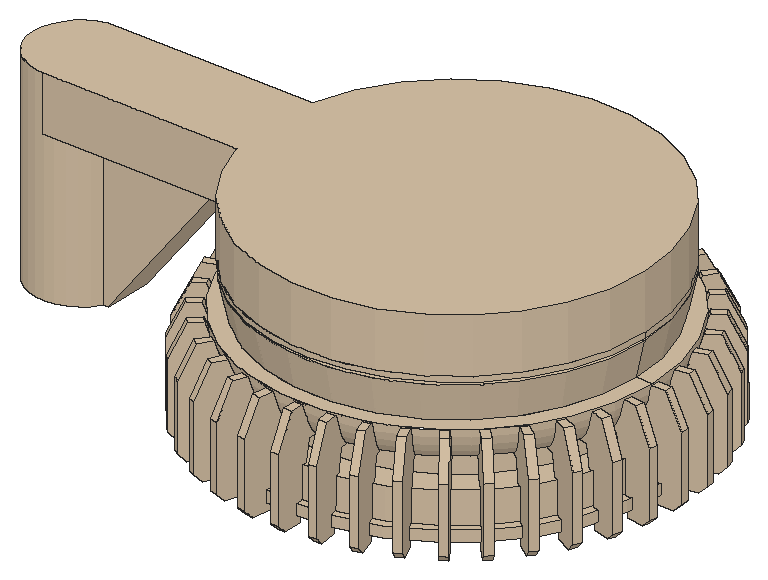
Revit family "KHL_Kemlu-Sanchion_0deg_Mount", category Lighting Fixtures, host Face, Revit 2021 (continued)
Definition of nested family "KHL"
  Automatic sketch dimensions
    Extrusion 37 sketch curve to Extrusion 37 sketch curve = 0' - 0 1/4"  (x2)
    Extrusion 37 sketch curve to Extrusion 37 sketch curve = 0' - 0.39395"
    Extrusion 37 sketch curve to Extrusion 37 sketch curve = 0' - 1.02515"
    Extrusion 37 sketch curve to Extrusion 37 sketch curve = 0' - 0.67103"
    Extrusion 37 sketch curve to Extrusion 37 sketch curve = 0' - 1.93305"
    Extrusion 37 sketch curve to Extrusion 37 sketch curve = 0' - 0.08345"
    Extrusion 38 sketch curve to Extrusion 38 sketch curve = 0' - 0 7/16"
    Extrusion 38 sketch curve to Extrusion 38 sketch curve = 0' - 0.13206"
    Extrusion 38 sketch curve to Extrusion 38 sketch curve = 0' - 0.295"
    Extrusion 38 sketch curve to Extrusion 38 sketch curve = 0' - 0.38321"
    Extrusion 38 sketch curve to Extrusion 38 sketch curve = 0' - 0.43044"
    Extrusion 38 sketch curve to Extrusion 38 sketch curve = 0' - 0.57179"
    Extrusion 38 sketch curve to Extrusion 38 sketch curve = 0' - 0 1/4"  (x2)
    Extrusion 38 sketch curve to Extrusion 38 sketch curve = 0' - 0.39395"
    Extrusion 38 sketch curve to Extrusion 38 sketch curve = 0' - 1.02515"
    Extrusion 38 sketch curve to Extrusion 38 sketch curve = 0' - 0.67103"
    Extrusion 38 sketch curve to Extrusion 38 sketch curve = 0' - 1.93305"
    Extrusion 38 sketch curve to Extrusion 38 sketch curve = 0' - 0.08345"
    Extrusion 39 sketch curve to Extrusion 39 sketch curve = 0' - 0 7/16"
    Extrusion 39 sketch curve to Extrusion 39 sketch curve = 0' - 0.13206"
    Extrusion 39 sketch curve to Extrusion 39 sketch curve = 0' - 0.295"
    Extrusion 39 sketch curve to Extrusion 39 sketch curve = 0' - 0.38321"
    Extrusion 39 sketch curve to Extrusion 39 sketch curve = 0' - 0.43044"
    Extrusion 39 sketch curve to Extrusion 39 sketch curve = 0' - 0.57179"
    Extrusion 39 sketch curve to Extrusion 39 sketch curve = 0' - 0 1/4"  (x2)
    Extrusion 39 sketch curve to Extrusion 39 sketch curve = 0' - 0.39395"
    Extrusion 39 sketch curve to Extrusion 39 sketch curve = 0' - 1.02515"
    Extrusion 39 sketch curve to Extrusion 39 sketch curve = 0' - 0.67103"
    Extrusion 39 sketch curve to Extrusion 39 sketch curve = 0' - 1.93305"
    Extrusion 39 sketch curve to Extrusion 39 sketch curve = 0' - 0.08345"
    Extrusion 40 sketch curve to Extrusion 40 sketch curve = 0' - 0 7/16"
    Extrusion 40 sketch curve to Extrusion 40 sketch curve = 0' - 0.13206"
    Extrusion 40 sketch curve to Extrusion 40 sketch curve = 0' - 0.295"
    Extrusion 40 sketch curve to Extrusion 40 sketch curve = 0' - 0.38321"
    Extrusion 40 sketch curve to Extrusion 40 sketch curve = 0' - 0.43044"
    Extrusion 40 sketch curve to Extrusion 40 sketch curve = 0' - 0.57179"
    Extrusion 40 sketch curve to Extrusion 40 sketch curve = 0' - 0 1/4"  (x2)
    Extrusion 40 sketch curve to Extrusion 40 sketch curve = 0' - 0.39395"
    Extrusion 40 sketch curve to Extrusion 40 sketch curve = 0' - 1.02515"
    Extrusion 40 sketch curve to Extrusion 40 sketch curve = 0' - 0.67103"
    Extrusion 40 sketch curve to Extrusion 40 sketch curve = 0' - 1.93305"
    Extrusion 40 sketch curve to Extrusion 40 sketch curve = 0' - 0.08345"
    Extrusion 41 sketch curve to Extrusion 41 sketch curve = 0' - 0 7/16"
    Extrusion 41 sketch curve to Extrusion 41 sketch curve = 0' - 0.13206"
    Extrusion 41 sketch curve to Extrusion 41 sketch curve = 0' - 0.295"
    Extrusion 41 sketch curve to Extrusion 41 sketch curve = 0' - 0.38321"
    Extrusion 41 sketch curve to Extrusion 41 sketch curve = 0' - 0.43044"
    Extrusion 41 sketch curve to Extrusion 41 sketch curve = 0' - 0.57179"
    Extrusion 41 sketch curve to Extrusion 41 sketch curve = 0' - 0 1/4"  (x2)
    Extrusion 41 sketch curve to Extrusion 41 sketch curve = 0' - 0.39395"
    Extrusion 41 sketch curve to Extrusion 41 sketch curve = 0' - 1.02515"
    Extrusion 41 sketch curve to Extrusion 41 sketch curve = 0' - 0.67103"
    Extrusion 41 sketch curve to Extrusion 41 sketch curve = 0' - 1.93305"
    Extrusion 41 sketch curve to Extrusion 41 sketch curve = 0' - 0.08345"
    Extrusion 42 sketch curve to Extrusion 42 sketch curve = 0' - 0 7/16"
    Extrusion 42 sketch curve to Extrusion 42 sketch curve = 0' - 0.13206"
    Extrusion 42 sketch curve to Extrusion 42 sketch curve = 0' - 0.295"
    Extrusion 42 sketch curve to Extrusion 42 sketch curve = 0' - 0.38321"
    Extrusion 42 sketch curve to Extrusion 42 sketch curve = 0' - 0.43044"
    Extrusion 42 sketch curve to Extrusion 42 sketch curve = 0' - 0.57179"
    Extrusion 42 sketch curve to Extrusion 42 sketch curve = 0' - 0 1/4"  (x2)
    Extrusion 42 sketch curve to Extrusion 42 sketch curve = 0' - 0.39395"
    Extrusion 42 sketch curve to Extrusion 42 sketch curve = 0' - 1.02515"
    Extrusion 42 sketch curve to Extrusion 42 sketch curve = 0' - 0.67103"
    Extrusion 42 sketch curve to Extrusion 42 sketch curve = 0' - 1.93305"
    Extrusion 42 sketch curve to Extrusion 42 sketch curve = 0' - 0.08345"
    Extrusion 43 sketch curve to Extrusion 43 sketch curve = 0' - 0 7/16"
    Extrusion 43 sketch curve to Extrusion 43 sketch curve = 0' - 0.13206"
    Extrusion 43 sketch curve to Extrusion 43 sketch curve = 0' - 0.295"
    Extrusion 43 sketch curve to Extrusion 43 sketch curve = 0' - 0.38321"
    Extrusion 43 sketch curve to Extrusion 43 sketch curve = 0' - 0.43044"
    Extrusion 43 sketch curve to Extrusion 43 sketch curve = 0' - 0.57179"
    Extrusion 43 sketch curve to Extrusion 43 sketch curve = 0' - 0 1/4"  (x2)
    Extrusion 43 sketch curve to Extrusion 43 sketch curve = 0' - 0.39395"
    Extrusion 43 sketch curve to Extrusion 43 sketch curve = 0' - 1.02515"
    Extrusion 43 sketch curve to Extrusion 43 sketch curve = 0' - 0.67103"
    Extrusion 43 sketch curve to Extrusion 43 sketch curve = 0' - 1.93305"
    Extrusion 43 sketch curve to Extrusion 43 sketch curve = 0' - 0.08345"
    Extrusion 1 sketch curve to Extrusion 1 sketch curve = 8' - 0"  (x2)
    curve 8 to plane 7 = 0' - 0.35927"
    level to curve 10 = 0' - 1 3/4"
    curve 1 to plane 3 "Center (Left/Right)" = 0' - 0"
    plane 7 to curve 5 = 0' - 0"
    curve 11 to plane 7 = 0' - 0.35927"
    curve 2 to plane 7 = 0' - 0.45302"
    curve 8 to curve 8 = 0' - 0.39073"
    curve 2 to curve 4 = 0' - 0.39073"
    curve 4 to curve 4 = 0' - 0 1/4"
    plane 7 to curve 10 = 0' - 0.75471"
    plane 7 to curve 7 = 0' - 0.72501"
    plane 7 to curve 11 = 0' - 0.6022"
    plane 7 to curve 12 = 0' - 0.39176"
    plane 5 to curve 12 = 0' - 0.25875"
    curve 9 to curve 9 = 0' - 1"
    curve 7 to curve 6 = 0' - 0.62254"
    curve 5 to curve 2 = 0' - 0.37746"
    Revolve 2 sketch curve to level = 0' - 0"
    Revolve 2 sketch curve to plane 3 "Center (Left/Right)" = 0' - 0"  (x2)
    plane 7 to Revolve 2 sketch curve = 0' - 0"  (x2)
    level to Revolve 2 sketch curve = 0' - 0.16729"
    Revolve 2 sketch curve to plane 7 = 0' - 0.23742"
    Revolve 2 sketch curve to Revolve 2 sketch curve = 0' - 0.39032"
    Revolve 2 sketch curve to plane 7 = 0' - 0.45302"
    Revolve 2 sketch curve to Revolve 2 sketch curve = 0' - 0.49031"
    Revolve 2 sketch curve to Revolve 2 sketch curve = 0' - 0.00969"
    Revolve 2 sketch curve to Revolve 2 sketch curve = 0' - 0.51192"
    Revolve 2 sketch curve to Revolve 2 sketch curve = 0' - 0.39073"
    Revolve 2 sketch curve to Revolve 2 sketch curve = 0' - 0 1/4"
    plane 7 to Revolve 2 sketch curve = 0' - 0.70329"
    Revolve 2 sketch curve to Revolve 2 sketch curve = 0' - 0.08271"
    Revolve 2 sketch curve to Revolve 2 sketch curve = 0' - 1 1/8"
    Revolve 2 sketch curve to Revolve 2 sketch curve = 0' - 0.72893"
    Revolve 2 sketch curve to Revolve 2 sketch curve = 0' - 0.37746"
    Revolve 2 sketch curve to Revolve 2 sketch curve = 0' - 0.62007"
    Revolve 2 sketch curve to Revolve 2 sketch curve = 0' - 0.3497"
    Revolve 2 sketch curve to Revolve 2 sketch curve = 0' - 5 13/16"
    level to curve 6 = 0' - 5.37007"
    curve 4 to curve 12 = 0' - 0.3497"
    curve 4 to curve 2 = 0' - 0.55259"
    curve 12 to curve 3 = 0' - 0.2029"
    Revolve 2 sketch curve to Revolve 2 sketch curve = 0' - 3 3/4"
Types (10): name | Wattage Comments | Wattage | Watt | Photometric Web File | Optics | built-in parameter 1150105 | Lumens | Lamp | built-in parameter 1150106 | built-in parameter 1150104 | Apparent Load
  (no name) | "86 Watts, 36 LEDs" | 86 W | 86 W | "KXL-36L-X-5K-N.ies" | "Type V Rectangle" | 718.58 (stored number, unit not read) | 9030 lm | "36 High Performanc LEDs" | 7.1858 (stored number, unit not read) | 9.7548 (stored number, unit not read) | 86 VA
  KHL-18L-X-5K-5M | "43 Watts, 18 LEDs" | 43 W | 43 W | "KXL-18L-X-5K-5M.ies" | "Type V Square" | 345.6 (stored number, unit not read) | 4343 lm | "18 High Performanc LEDs" | 3.456 (stored number, unit not read) | 9.3832 (stored number, unit not read) | 43 VA
  KHL-18L-X-5K-5R | "43 Watts, 18 LEDs" | 43 W | 43 W | "KXL-18L-X-5K-5R.ies" | "Type V Rectangle" | 349.03 (stored number, unit not read) | 4386 lm | "18 High Performanc LEDs" | 3.4903 (stored number, unit not read) | 9.4761 (stored number, unit not read) | 43 VA
  KHL-18L-X-5K-N | "43 Watts, 18 LEDs" | 43 W | 43 W | "KXL-18L-X-5K-N.ies" | "Narrow" | 352.45 (stored number, unit not read) | 4429 lm | "18 High Performanc LEDs" | 3.5245 (stored number, unit not read) | 9.569 (stored number, unit not read) | 43 VA
  KHL-24L-X-5K-5M | "57 Watts, 24 LEDs" | 57 W | 57 W | "KXL-24L-X-5K-5M.ies" | "Type V Square" | 1765.2 (stored number, unit not read) | 5700 lm | "24 High Performanc LEDs" | 17.652 (stored number, unit not read) | 9.2903 (stored number, unit not read) | 57 VA
  KHL-24L-X-5K-5R | "57 Watts, 24 LEDs" | 57 W | 57 W | "KXL-24L-X-5K-5R.ies" | "Type V Rectangle" | 467.2 (stored number, unit not read) | 5871 lm | "24 High Performanc LEDs" | 4.672 (stored number, unit not read) | 9.569 (stored number, unit not read) | 57 VA
  KHL-24L-X-5K-N | "57 Watts, 24 LEDs" | 57 W | 57 W | "KXL-24L-X-5K-N.ies" | "Narrow" | 476.27 (stored number, unit not read) | 5985 lm | "24 High Performanc LEDs" | 4.7627 (stored number, unit not read) | 9.7548 (stored number, unit not read) | 57 VA
  KHL-36L-X-5K-5M | "86 Watts, 36 LEDs" | 86 W | 86 W | "KXL-36L-X-5K-5M.ies" | "Type V Square" | 677.52 (stored number, unit not read) | 8514 lm | "36 High Performanc LEDs" | 6.7752 (stored number, unit not read) | 9.1974 (stored number, unit not read) | 86 VA
  KHL-36L-X-5K-5R | "86 Watts, 36 LEDs" | 86 W | 86 W | "KXL-36L-X-5K-5R.ies" | "Type V Rectangle" | 698.05 (stored number, unit not read) | 8772 lm | "36 High Performanc LEDs" | 6.9805 (stored number, unit not read) | 9.4761 (stored number, unit not read) | 86 VA
  KHL-36L-X-5K-N | "86 Watts, 36 LEDs" | 86 W | 86 W | "KXL-36L-X-5K-N.ies" | "Type V Rectangle" | 718.58 (stored number, unit not read) | 9030 lm | "36 High Performanc LEDs" | 7.1858 (stored number, unit not read) | 9.7548 (stored number, unit not read) | 86 VA
